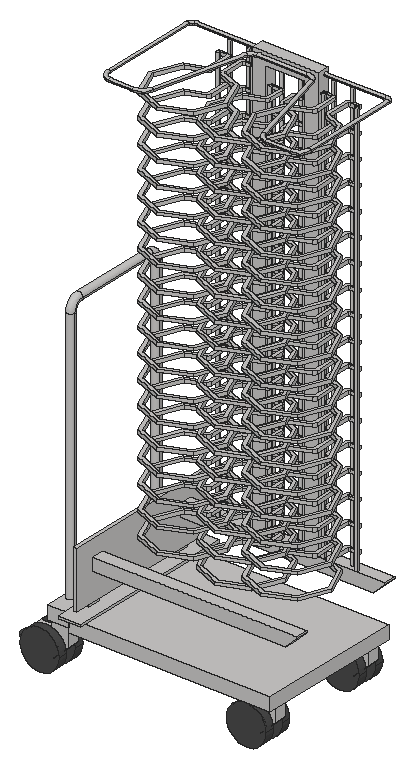
Revit family "QF_ELECTROLUXPROFESSIONAL_922756_TRBA54PL2011C", category Attrezzature speciali, Revit 2020 (continued)
Automatic sketch dimensions
  Extrusion 40 sketch curve to Extrusion 40 sketch curve = 22.703 mm
  Extrusion 40 sketch curve to Extrusion 40 sketch curve = 6.983 mm
  Extrusion 40 sketch curve to Extrusion 40 sketch curve = 1.263 mm
  Extrusion 40 sketch curve to Extrusion 40 sketch curve = 1.293 mm
  Extrusion 40 sketch curve to Extrusion 40 sketch curve = 67.75 mm
  Extrusion 41 sketch curve to Extrusion 41 sketch curve = 7.72 mm  (x4)
  Extrusion 41 sketch curve to Extrusion 41 sketch curve = 7.587 mm  (x4)
  Extrusion 41 sketch curve to Extrusion 41 sketch curve = 27.788 mm  (x2)
  Extrusion 41 sketch curve to Extrusion 41 sketch curve = 0 mm  (x3)
  Extrusion 41 sketch curve to Extrusion 41 sketch curve = 1.873 mm
  Extrusion 41 sketch curve to Extrusion 41 sketch curve = 5 mm  (x3)
  Extrusion 41 sketch curve to Extrusion 41 sketch curve = 3.127 mm
  Extrusion 41 sketch curve to Extrusion 41 sketch curve = 3.746 mm
  Extrusion 41 sketch curve to Extrusion 41 sketch curve = 10 mm  (x3)
  Extrusion 41 sketch curve to Extrusion 41 sketch curve = 79.976 mm  (x2)
  Extrusion 41 sketch curve to Extrusion 41 sketch curve = 0.094 mm  (x3)
  Extrusion 41 sketch curve to Extrusion 41 sketch curve = 30 mm
  Extrusion 41 sketch curve to Extrusion 41 sketch curve = 6.093 mm
  Extrusion 41 sketch curve to Extrusion 41 sketch curve = 3.046 mm
  Extrusion 41 sketch curve to Extrusion 41 sketch curve = 80.651 mm  (x3)
  Extrusion 41 sketch curve to Extrusion 41 sketch curve = 55.228 mm
  Extrusion 41 sketch curve to Extrusion 41 sketch curve = 32.585 mm
  Extrusion 41 sketch curve to Extrusion 41 sketch curve = 10.824 mm  (x3)
  Extrusion 41 sketch curve to Extrusion 41 sketch curve = 11.494 mm
  Extrusion 41 sketch curve to Extrusion 41 sketch curve = 1.263 mm
  Extrusion 41 sketch curve to Extrusion 41 sketch curve = 2 mm  (x2)
  Extrusion 42 sketch curve to Extrusion 42 sketch curve = 10.824 mm  (x3)
  Extrusion 42 sketch curve to Extrusion 42 sketch curve = 24.865 mm  (x2)
  Extrusion 42 sketch curve to Extrusion 42 sketch curve = 26.401 mm  (x2)
  Extrusion 42 sketch curve to Extrusion 42 sketch curve = 7.72 mm  (x4)
  Extrusion 42 sketch curve to Extrusion 42 sketch curve = 7.587 mm  (x4)
  Extrusion 42 sketch curve to Extrusion 42 sketch curve = 27.246 mm
  Extrusion 42 sketch curve to Extrusion 42 sketch curve = 27.788 mm  (x2)
  Extrusion 42 sketch curve to Extrusion 42 sketch curve = 47.447 mm
  Extrusion 42 sketch curve to Extrusion 42 sketch curve = 1.873 mm
  Extrusion 42 sketch curve to Extrusion 42 sketch curve = 5 mm  (x3)
  Extrusion 42 sketch curve to Extrusion 42 sketch curve = 3.127 mm
  Extrusion 42 sketch curve to Extrusion 42 sketch curve = 0 mm  (x2)
  Extrusion 42 sketch curve to Extrusion 42 sketch curve = 3.746 mm
  Extrusion 42 sketch curve to Extrusion 42 sketch curve = 10 mm  (x3)
  Extrusion 42 sketch curve to Extrusion 42 sketch curve = 0.094 mm  (x3)
  Extrusion 42 sketch curve to Extrusion 42 sketch curve = 30 mm
  Extrusion 42 sketch curve to Extrusion 42 sketch curve = 6.093 mm
  Extrusion 42 sketch curve to Extrusion 42 sketch curve = 3.046 mm
  Extrusion 42 sketch curve to Extrusion 42 sketch curve = 22.703 mm
  Extrusion 42 sketch curve to Extrusion 42 sketch curve = 6.983 mm
  Extrusion 42 sketch curve to Extrusion 42 sketch curve = 1.263 mm
  Extrusion 42 sketch curve to Extrusion 42 sketch curve = 1.293 mm
  Extrusion 42 sketch curve to Extrusion 42 sketch curve = 2 mm  (x3)
  Extrusion 43 sketch curve to Extrusion 43 sketch curve = 10.824 mm  (x3)
  Extrusion 43 sketch curve to Extrusion 43 sketch curve = 7.72 mm  (x4)
  Extrusion 43 sketch curve to Extrusion 43 sketch curve = 7.587 mm  (x4)
  Extrusion 43 sketch curve to Extrusion 43 sketch curve = 27.246 mm
  Extrusion 43 sketch curve to Extrusion 43 sketch curve = 27.788 mm  (x2)
  Extrusion 43 sketch curve to Extrusion 43 sketch curve = 47.447 mm
  Extrusion 43 sketch curve to Extrusion 43 sketch curve = 1.873 mm
  Extrusion 43 sketch curve to Extrusion 43 sketch curve = 5 mm  (x2)
  Extrusion 43 sketch curve to Extrusion 43 sketch curve = 3.127 mm
  Extrusion 43 sketch curve to Extrusion 43 sketch curve = 0 mm  (x2)
  Extrusion 43 sketch curve to Extrusion 43 sketch curve = 3.746 mm
  Extrusion 43 sketch curve to Extrusion 43 sketch curve = 10 mm  (x2)
  Extrusion 43 sketch curve to Extrusion 43 sketch curve = 79.976 mm  (x2)
  Extrusion 43 sketch curve to Extrusion 43 sketch curve = 0.094 mm  (x3)
  Extrusion 43 sketch curve to Extrusion 43 sketch curve = 30 mm
  Extrusion 43 sketch curve to Extrusion 43 sketch curve = 6.093 mm
  Extrusion 43 sketch curve to Extrusion 43 sketch curve = 3.907 mm
  Extrusion 43 sketch curve to Extrusion 43 sketch curve = 3.046 mm
  Extrusion 43 sketch curve to Extrusion 43 sketch curve = 1.954 mm
  Extrusion 43 sketch curve to Extrusion 43 sketch curve = 80.651 mm  (x3)
  Extrusion 43 sketch curve to Extrusion 43 sketch curve = 55.228 mm
  Extrusion 43 sketch curve to Extrusion 43 sketch curve = 32.585 mm
  Extrusion 43 sketch curve to Extrusion 43 sketch curve = 2 mm  (x3)
  Extrusion 41 sketch curve to Extrusion 41 sketch curve = 24.865 mm  (x2)
  Extrusion 41 sketch curve to Extrusion 41 sketch curve = 26.401 mm  (x2)
  Extrusion 41 sketch curve to Extrusion 41 sketch curve = 27.246 mm
  Extrusion 41 sketch curve to Extrusion 41 sketch curve = 80.07 mm
  Extrusion 41 sketch curve to Extrusion 41 sketch curve = 22.703 mm
  Extrusion 41 sketch curve to Extrusion 41 sketch curve = 1.293 mm
  Extrusion 41 sketch curve to Extrusion 41 sketch curve = 44.091 mm
  Extrusion 41 sketch curve to Extrusion 41 sketch curve = 41.932 mm
  Extrusion 42 sketch curve to Extrusion 42 sketch curve = 79.976 mm  (x2)
  Extrusion 42 sketch curve to Extrusion 42 sketch curve = 80.651 mm  (x3)
  Extrusion 42 sketch curve to Extrusion 42 sketch curve = 55.228 mm
  Extrusion 42 sketch curve to Extrusion 42 sketch curve = 32.585 mm
  Extrusion 42 sketch curve to Extrusion 42 sketch curve = 80.07 mm
  Extrusion 42 sketch curve to Extrusion 42 sketch curve = 67.75 mm
  Extrusion 43 sketch curve to Extrusion 43 sketch curve = 24.865 mm  (x2)
  Extrusion 43 sketch curve to Extrusion 43 sketch curve = 26.401 mm  (x2)
  Extrusion 43 sketch curve to Extrusion 43 sketch curve = 80.07 mm
  Extrusion 43 sketch curve to Extrusion 43 sketch curve = 22.703 mm
  Extrusion 43 sketch curve to Extrusion 43 sketch curve = 6.983 mm
  Extrusion 43 sketch curve to Extrusion 43 sketch curve = 1.263 mm
  Extrusion 43 sketch curve to Extrusion 43 sketch curve = 1.293 mm
  Extrusion 43 sketch curve to Extrusion 43 sketch curve = 67.75 mm
  Extrusion 44 sketch curve to Extrusion 44 sketch curve = 7.72 mm  (x4)
  Extrusion 44 sketch curve to Extrusion 44 sketch curve = 7.587 mm  (x4)
  Extrusion 44 sketch curve to Extrusion 44 sketch curve = 27.788 mm  (x2)
  Extrusion 44 sketch curve to Extrusion 44 sketch curve = 0 mm  (x3)
  Extrusion 44 sketch curve to Extrusion 44 sketch curve = 1.873 mm
  Extrusion 44 sketch curve to Extrusion 44 sketch curve = 5 mm  (x3)
  Extrusion 44 sketch curve to Extrusion 44 sketch curve = 3.127 mm
  Extrusion 44 sketch curve to Extrusion 44 sketch curve = 3.746 mm
  Extrusion 44 sketch curve to Extrusion 44 sketch curve = 10 mm  (x3)
  Extrusion 44 sketch curve to Extrusion 44 sketch curve = 79.976 mm  (x2)
  Extrusion 44 sketch curve to Extrusion 44 sketch curve = 0.094 mm  (x3)
  Extrusion 44 sketch curve to Extrusion 44 sketch curve = 30 mm
  Extrusion 44 sketch curve to Extrusion 44 sketch curve = 6.093 mm
  Extrusion 44 sketch curve to Extrusion 44 sketch curve = 3.046 mm
  Extrusion 44 sketch curve to Extrusion 44 sketch curve = 80.651 mm  (x3)
  Extrusion 44 sketch curve to Extrusion 44 sketch curve = 55.228 mm
  Extrusion 44 sketch curve to Extrusion 44 sketch curve = 32.585 mm
  Extrusion 44 sketch curve to Extrusion 44 sketch curve = 10.824 mm  (x3)
  Extrusion 44 sketch curve to Extrusion 44 sketch curve = 11.494 mm
  Extrusion 44 sketch curve to Extrusion 44 sketch curve = 1.263 mm
  Extrusion 44 sketch curve to Extrusion 44 sketch curve = 2 mm  (x2)
  Extrusion 45 sketch curve to Extrusion 45 sketch curve = 10.824 mm  (x3)
  Extrusion 45 sketch curve to Extrusion 45 sketch curve = 24.865 mm  (x2)
  Extrusion 45 sketch curve to Extrusion 45 sketch curve = 26.401 mm  (x2)
  Extrusion 45 sketch curve to Extrusion 45 sketch curve = 7.72 mm  (x4)
  Extrusion 45 sketch curve to Extrusion 45 sketch curve = 7.587 mm  (x4)
  Extrusion 45 sketch curve to Extrusion 45 sketch curve = 27.246 mm
  Extrusion 45 sketch curve to Extrusion 45 sketch curve = 27.788 mm  (x2)
  Extrusion 45 sketch curve to Extrusion 45 sketch curve = 47.447 mm
  Extrusion 45 sketch curve to Extrusion 45 sketch curve = 1.873 mm
  Extrusion 45 sketch curve to Extrusion 45 sketch curve = 5 mm  (x3)
  Extrusion 45 sketch curve to Extrusion 45 sketch curve = 3.127 mm
  Extrusion 45 sketch curve to Extrusion 45 sketch curve = 0 mm  (x2)
  Extrusion 45 sketch curve to Extrusion 45 sketch curve = 3.746 mm
  Extrusion 45 sketch curve to Extrusion 45 sketch curve = 10 mm  (x3)
  Extrusion 45 sketch curve to Extrusion 45 sketch curve = 0.094 mm  (x3)
  Extrusion 45 sketch curve to Extrusion 45 sketch curve = 30 mm
  Extrusion 45 sketch curve to Extrusion 45 sketch curve = 6.093 mm
  Extrusion 45 sketch curve to Extrusion 45 sketch curve = 3.046 mm
  Extrusion 45 sketch curve to Extrusion 45 sketch curve = 22.703 mm
  Extrusion 45 sketch curve to Extrusion 45 sketch curve = 6.983 mm
  Extrusion 45 sketch curve to Extrusion 45 sketch curve = 1.263 mm
  Extrusion 45 sketch curve to Extrusion 45 sketch curve = 1.293 mm
  Extrusion 45 sketch curve to Extrusion 45 sketch curve = 2 mm  (x3)
  Extrusion 46 sketch curve to Extrusion 46 sketch curve = 10.824 mm  (x3)
  Extrusion 46 sketch curve to Extrusion 46 sketch curve = 7.72 mm  (x4)
  Extrusion 46 sketch curve to Extrusion 46 sketch curve = 7.587 mm  (x4)
  Extrusion 46 sketch curve to Extrusion 46 sketch curve = 27.246 mm
  Extrusion 46 sketch curve to Extrusion 46 sketch curve = 27.788 mm  (x2)
  Extrusion 46 sketch curve to Extrusion 46 sketch curve = 47.447 mm
  Extrusion 46 sketch curve to Extrusion 46 sketch curve = 1.873 mm
  Extrusion 46 sketch curve to Extrusion 46 sketch curve = 5 mm  (x2)
  Extrusion 46 sketch curve to Extrusion 46 sketch curve = 3.127 mm
  Extrusion 46 sketch curve to Extrusion 46 sketch curve = 0 mm  (x2)
  Extrusion 46 sketch curve to Extrusion 46 sketch curve = 3.746 mm
  Extrusion 46 sketch curve to Extrusion 46 sketch curve = 10 mm  (x2)
  Extrusion 46 sketch curve to Extrusion 46 sketch curve = 79.976 mm  (x2)
  Extrusion 46 sketch curve to Extrusion 46 sketch curve = 0.094 mm  (x3)
  Extrusion 46 sketch curve to Extrusion 46 sketch curve = 30 mm
  Extrusion 46 sketch curve to Extrusion 46 sketch curve = 6.093 mm
  Extrusion 46 sketch curve to Extrusion 46 sketch curve = 3.907 mm
  Extrusion 46 sketch curve to Extrusion 46 sketch curve = 3.046 mm
  Extrusion 46 sketch curve to Extrusion 46 sketch curve = 1.954 mm
  Extrusion 46 sketch curve to Extrusion 46 sketch curve = 80.651 mm  (x3)
  Extrusion 46 sketch curve to Extrusion 46 sketch curve = 55.228 mm
  Extrusion 46 sketch curve to Extrusion 46 sketch curve = 32.585 mm
  Extrusion 46 sketch curve to Extrusion 46 sketch curve = 2 mm  (x3)
  Extrusion 44 sketch curve to Extrusion 44 sketch curve = 24.865 mm  (x2)
  Extrusion 44 sketch curve to Extrusion 44 sketch curve = 26.401 mm  (x2)
  Extrusion 44 sketch curve to Extrusion 44 sketch curve = 27.246 mm
  Extrusion 44 sketch curve to Extrusion 44 sketch curve = 80.07 mm
  Extrusion 44 sketch curve to Extrusion 44 sketch curve = 22.703 mm
  Extrusion 44 sketch curve to Extrusion 44 sketch curve = 1.293 mm
  Extrusion 44 sketch curve to Extrusion 44 sketch curve = 44.091 mm
  Extrusion 44 sketch curve to Extrusion 44 sketch curve = 41.932 mm
  Extrusion 45 sketch curve to Extrusion 45 sketch curve = 79.976 mm  (x2)
  Extrusion 45 sketch curve to Extrusion 45 sketch curve = 80.651 mm  (x3)
  Extrusion 45 sketch curve to Extrusion 45 sketch curve = 55.228 mm
  Extrusion 45 sketch curve to Extrusion 45 sketch curve = 32.585 mm
  Extrusion 45 sketch curve to Extrusion 45 sketch curve = 80.07 mm
  Extrusion 45 sketch curve to Extrusion 45 sketch curve = 67.75 mm
  Extrusion 46 sketch curve to Extrusion 46 sketch curve = 24.865 mm  (x2)
  Extrusion 46 sketch curve to Extrusion 46 sketch curve = 26.401 mm  (x2)
  Extrusion 46 sketch curve to Extrusion 46 sketch curve = 80.07 mm
  Extrusion 46 sketch curve to Extrusion 46 sketch curve = 22.703 mm
  Extrusion 46 sketch curve to Extrusion 46 sketch curve = 6.983 mm
  Extrusion 46 sketch curve to Extrusion 46 sketch curve = 1.263 mm
  Extrusion 46 sketch curve to Extrusion 46 sketch curve = 1.293 mm
  Extrusion 46 sketch curve to Extrusion 46 sketch curve = 67.75 mm
  Extrusion 47 sketch curve to Extrusion 47 sketch curve = 7.72 mm  (x4)
  Extrusion 47 sketch curve to Extrusion 47 sketch curve = 7.587 mm  (x4)
  Extrusion 47 sketch curve to Extrusion 47 sketch curve = 27.788 mm  (x2)
  Extrusion 47 sketch curve to Extrusion 47 sketch curve = 0 mm  (x3)
  Extrusion 47 sketch curve to Extrusion 47 sketch curve = 1.873 mm
  Extrusion 47 sketch curve to Extrusion 47 sketch curve = 5 mm  (x3)
  Extrusion 47 sketch curve to Extrusion 47 sketch curve = 3.127 mm
  Extrusion 47 sketch curve to Extrusion 47 sketch curve = 3.746 mm
  Extrusion 47 sketch curve to Extrusion 47 sketch curve = 10 mm  (x3)
  Extrusion 47 sketch curve to Extrusion 47 sketch curve = 79.976 mm  (x2)
  Extrusion 47 sketch curve to Extrusion 47 sketch curve = 0.094 mm  (x3)
  Extrusion 47 sketch curve to Extrusion 47 sketch curve = 30 mm
  Extrusion 47 sketch curve to Extrusion 47 sketch curve = 6.093 mm
  Extrusion 47 sketch curve to Extrusion 47 sketch curve = 3.046 mm
  Extrusion 47 sketch curve to Extrusion 47 sketch curve = 80.651 mm  (x3)
  Extrusion 47 sketch curve to Extrusion 47 sketch curve = 55.228 mm
  Extrusion 47 sketch curve to Extrusion 47 sketch curve = 32.585 mm
  Extrusion 47 sketch curve to Extrusion 47 sketch curve = 10.824 mm  (x3)
  Extrusion 47 sketch curve to Extrusion 47 sketch curve = 11.494 mm
  Extrusion 47 sketch curve to Extrusion 47 sketch curve = 1.263 mm
  Extrusion 47 sketch curve to Extrusion 47 sketch curve = 2 mm  (x2)
  Extrusion 48 sketch curve to Extrusion 48 sketch curve = 10.824 mm  (x3)
  Extrusion 48 sketch curve to Extrusion 48 sketch curve = 24.865 mm  (x2)
  Extrusion 48 sketch curve to Extrusion 48 sketch curve = 26.401 mm  (x2)
  Extrusion 48 sketch curve to Extrusion 48 sketch curve = 7.72 mm  (x4)
  Extrusion 48 sketch curve to Extrusion 48 sketch curve = 7.587 mm  (x4)
  Extrusion 48 sketch curve to Extrusion 48 sketch curve = 27.246 mm
  Extrusion 48 sketch curve to Extrusion 48 sketch curve = 27.788 mm  (x2)
  Extrusion 48 sketch curve to Extrusion 48 sketch curve = 47.447 mm
  Extrusion 48 sketch curve to Extrusion 48 sketch curve = 1.873 mm
  Extrusion 48 sketch curve to Extrusion 48 sketch curve = 5 mm  (x3)
  Extrusion 48 sketch curve to Extrusion 48 sketch curve = 3.127 mm
  Extrusion 48 sketch curve to Extrusion 48 sketch curve = 0 mm  (x2)
  Extrusion 48 sketch curve to Extrusion 48 sketch curve = 3.746 mm
  Extrusion 48 sketch curve to Extrusion 48 sketch curve = 10 mm  (x3)
  Extrusion 48 sketch curve to Extrusion 48 sketch curve = 0.094 mm  (x3)
  Extrusion 48 sketch curve to Extrusion 48 sketch curve = 30 mm
  Extrusion 48 sketch curve to Extrusion 48 sketch curve = 6.093 mm
  Extrusion 48 sketch curve to Extrusion 48 sketch curve = 3.046 mm
  Extrusion 48 sketch curve to Extrusion 48 sketch curve = 22.703 mm
  Extrusion 48 sketch curve to Extrusion 48 sketch curve = 6.983 mm
  Extrusion 48 sketch curve to Extrusion 48 sketch curve = 1.263 mm
  Extrusion 48 sketch curve to Extrusion 48 sketch curve = 1.293 mm
  Extrusion 48 sketch curve to Extrusion 48 sketch curve = 2 mm  (x3)
  Extrusion 49 sketch curve to Extrusion 49 sketch curve = 10.824 mm  (x3)
  Extrusion 49 sketch curve to Extrusion 49 sketch curve = 7.72 mm  (x4)
  Extrusion 49 sketch curve to Extrusion 49 sketch curve = 7.587 mm  (x4)
  Extrusion 49 sketch curve to Extrusion 49 sketch curve = 27.246 mm
  Extrusion 49 sketch curve to Extrusion 49 sketch curve = 27.788 mm  (x2)
  Extrusion 49 sketch curve to Extrusion 49 sketch curve = 47.447 mm
  Extrusion 49 sketch curve to Extrusion 49 sketch curve = 1.873 mm
  Extrusion 49 sketch curve to Extrusion 49 sketch curve = 5 mm  (x2)
  Extrusion 49 sketch curve to Extrusion 49 sketch curve = 3.127 mm
  Extrusion 49 sketch curve to Extrusion 49 sketch curve = 0 mm  (x2)
  Extrusion 49 sketch curve to Extrusion 49 sketch curve = 3.746 mm
  Extrusion 49 sketch curve to Extrusion 49 sketch curve = 10 mm  (x2)
  Extrusion 49 sketch curve to Extrusion 49 sketch curve = 79.976 mm  (x2)
  Extrusion 49 sketch curve to Extrusion 49 sketch curve = 0.094 mm  (x3)
  Extrusion 49 sketch curve to Extrusion 49 sketch curve = 30 mm
  Extrusion 49 sketch curve to Extrusion 49 sketch curve = 6.093 mm
  Extrusion 49 sketch curve to Extrusion 49 sketch curve = 3.907 mm
  Extrusion 49 sketch curve to Extrusion 49 sketch curve = 3.046 mm
  Extrusion 49 sketch curve to Extrusion 49 sketch curve = 1.954 mm
  Extrusion 49 sketch curve to Extrusion 49 sketch curve = 80.651 mm  (x3)
  Extrusion 49 sketch curve to Extrusion 49 sketch curve = 55.228 mm
  Extrusion 49 sketch curve to Extrusion 49 sketch curve = 32.585 mm
  Extrusion 49 sketch curve to Extrusion 49 sketch curve = 2 mm  (x3)
  Extrusion 47 sketch curve to Extrusion 47 sketch curve = 24.865 mm  (x2)
  Extrusion 47 sketch curve to Extrusion 47 sketch curve = 26.401 mm  (x2)
  Extrusion 47 sketch curve to Extrusion 47 sketch curve = 27.246 mm
  Extrusion 47 sketch curve to Extrusion 47 sketch curve = 80.07 mm
  Extrusion 47 sketch curve to Extrusion 47 sketch curve = 22.703 mm
  Extrusion 47 sketch curve to Extrusion 47 sketch curve = 1.293 mm
  Extrusion 47 sketch curve to Extrusion 47 sketch curve = 44.091 mm
  Extrusion 47 sketch curve to Extrusion 47 sketch curve = 41.932 mm
  Extrusion 48 sketch curve to Extrusion 48 sketch curve = 79.976 mm  (x2)
  Extrusion 48 sketch curve to Extrusion 48 sketch curve = 80.651 mm  (x3)
  Extrusion 48 sketch curve to Extrusion 48 sketch curve = 55.228 mm
  Extrusion 48 sketch curve to Extrusion 48 sketch curve = 32.585 mm
  Extrusion 48 sketch curve to Extrusion 48 sketch curve = 80.07 mm
  Extrusion 48 sketch curve to Extrusion 48 sketch curve = 67.75 mm
  Extrusion 49 sketch curve to Extrusion 49 sketch curve = 24.865 mm  (x2)
  Extrusion 49 sketch curve to Extrusion 49 sketch curve = 26.401 mm  (x2)
  Extrusion 49 sketch curve to Extrusion 49 sketch curve = 80.07 mm
  Extrusion 49 sketch curve to Extrusion 49 sketch curve = 22.703 mm
  Extrusion 49 sketch curve to Extrusion 49 sketch curve = 6.983 mm
  Extrusion 49 sketch curve to Extrusion 49 sketch curve = 1.263 mm
  Extrusion 49 sketch curve to Extrusion 49 sketch curve = 1.293 mm
  Extrusion 49 sketch curve to Extrusion 49 sketch curve = 67.75 mm
  Extrusion 50 sketch curve to Extrusion 50 sketch curve = 7.72 mm  (x4)
  Extrusion 50 sketch curve to Extrusion 50 sketch curve = 7.587 mm  (x4)
  Extrusion 50 sketch curve to Extrusion 50 sketch curve = 27.788 mm  (x2)
  Extrusion 50 sketch curve to Extrusion 50 sketch curve = 0 mm  (x3)
  Extrusion 50 sketch curve to Extrusion 50 sketch curve = 1.873 mm
  Extrusion 50 sketch curve to Extrusion 50 sketch curve = 5 mm  (x3)
  Extrusion 50 sketch curve to Extrusion 50 sketch curve = 3.127 mm
  Extrusion 50 sketch curve to Extrusion 50 sketch curve = 3.746 mm
  Extrusion 50 sketch curve to Extrusion 50 sketch curve = 10 mm  (x3)
  Extrusion 50 sketch curve to Extrusion 50 sketch curve = 79.976 mm  (x2)
  Extrusion 50 sketch curve to Extrusion 50 sketch curve = 0.094 mm  (x3)
  Extrusion 50 sketch curve to Extrusion 50 sketch curve = 30 mm
  Extrusion 50 sketch curve to Extrusion 50 sketch curve = 6.093 mm
  Extrusion 50 sketch curve to Extrusion 50 sketch curve = 3.046 mm
  Extrusion 50 sketch curve to Extrusion 50 sketch curve = 80.651 mm  (x3)
  Extrusion 50 sketch curve to Extrusion 50 sketch curve = 55.228 mm
  Extrusion 50 sketch curve to Extrusion 50 sketch curve = 32.585 mm
  Extrusion 50 sketch curve to Extrusion 50 sketch curve = 10.824 mm  (x3)
  Extrusion 50 sketch curve to Extrusion 50 sketch curve = 11.494 mm
  Extrusion 50 sketch curve to Extrusion 50 sketch curve = 1.263 mm
  Extrusion 50 sketch curve to Extrusion 50 sketch curve = 2 mm  (x2)
  Extrusion 51 sketch curve to Extrusion 51 sketch curve = 10.824 mm  (x3)
  Extrusion 51 sketch curve to Extrusion 51 sketch curve = 24.865 mm  (x2)
  Extrusion 51 sketch curve to Extrusion 51 sketch curve = 26.401 mm  (x2)
  Extrusion 51 sketch curve to Extrusion 51 sketch curve = 7.72 mm  (x4)
  Extrusion 51 sketch curve to Extrusion 51 sketch curve = 7.587 mm  (x4)
  Extrusion 51 sketch curve to Extrusion 51 sketch curve = 27.246 mm
  Extrusion 51 sketch curve to Extrusion 51 sketch curve = 27.788 mm  (x2)
  Extrusion 51 sketch curve to Extrusion 51 sketch curve = 47.447 mm
  Extrusion 51 sketch curve to Extrusion 51 sketch curve = 1.873 mm
  Extrusion 51 sketch curve to Extrusion 51 sketch curve = 5 mm  (x3)
  Extrusion 51 sketch curve to Extrusion 51 sketch curve = 3.127 mm
  Extrusion 51 sketch curve to Extrusion 51 sketch curve = 0 mm  (x2)
  Extrusion 51 sketch curve to Extrusion 51 sketch curve = 3.746 mm
  Extrusion 51 sketch curve to Extrusion 51 sketch curve = 10 mm  (x3)
  Extrusion 51 sketch curve to Extrusion 51 sketch curve = 0.094 mm  (x3)
  Extrusion 51 sketch curve to Extrusion 51 sketch curve = 30 mm
  Extrusion 51 sketch curve to Extrusion 51 sketch curve = 6.093 mm
  Extrusion 51 sketch curve to Extrusion 51 sketch curve = 3.046 mm
  Extrusion 51 sketch curve to Extrusion 51 sketch curve = 22.703 mm
  Extrusion 51 sketch curve to Extrusion 51 sketch curve = 6.983 mm
  Extrusion 51 sketch curve to Extrusion 51 sketch curve = 1.263 mm
  Extrusion 51 sketch curve to Extrusion 51 sketch curve = 1.293 mm
  Extrusion 51 sketch curve to Extrusion 51 sketch curve = 2 mm  (x3)
  Extrusion 52 sketch curve to Extrusion 52 sketch curve = 10.824 mm  (x3)
  Extrusion 52 sketch curve to Extrusion 52 sketch curve = 7.72 mm  (x4)
  Extrusion 52 sketch curve to Extrusion 52 sketch curve = 7.587 mm  (x4)
  Extrusion 52 sketch curve to Extrusion 52 sketch curve = 27.246 mm
  Extrusion 52 sketch curve to Extrusion 52 sketch curve = 27.788 mm  (x2)
  Extrusion 52 sketch curve to Extrusion 52 sketch curve = 47.447 mm
  Extrusion 52 sketch curve to Extrusion 52 sketch curve = 1.873 mm
  Extrusion 52 sketch curve to Extrusion 52 sketch curve = 5 mm  (x2)
  Extrusion 52 sketch curve to Extrusion 52 sketch curve = 3.127 mm
  Extrusion 52 sketch curve to Extrusion 52 sketch curve = 0 mm  (x2)
  Extrusion 52 sketch curve to Extrusion 52 sketch curve = 3.746 mm
  Extrusion 52 sketch curve to Extrusion 52 sketch curve = 10 mm  (x2)
  Extrusion 52 sketch curve to Extrusion 52 sketch curve = 79.976 mm  (x2)
  Extrusion 52 sketch curve to Extrusion 52 sketch curve = 0.094 mm  (x3)
  Extrusion 52 sketch curve to Extrusion 52 sketch curve = 30 mm
  Extrusion 52 sketch curve to Extrusion 52 sketch curve = 6.093 mm
  Extrusion 52 sketch curve to Extrusion 52 sketch curve = 3.907 mm
  Extrusion 52 sketch curve to Extrusion 52 sketch curve = 3.046 mm
  Extrusion 52 sketch curve to Extrusion 52 sketch curve = 1.954 mm
  Extrusion 52 sketch curve to Extrusion 52 sketch curve = 80.651 mm  (x3)
  Extrusion 52 sketch curve to Extrusion 52 sketch curve = 55.228 mm
  Extrusion 52 sketch curve to Extrusion 52 sketch curve = 32.585 mm
  Extrusion 52 sketch curve to Extrusion 52 sketch curve = 2 mm  (x3)
  Extrusion 50 sketch curve to Extrusion 50 sketch curve = 24.865 mm  (x2)
  Extrusion 50 sketch curve to Extrusion 50 sketch curve = 26.401 mm  (x2)
  Extrusion 50 sketch curve to Extrusion 50 sketch curve = 27.246 mm
  Extrusion 50 sketch curve to Extrusion 50 sketch curve = 80.07 mm
  Extrusion 50 sketch curve to Extrusion 50 sketch curve = 22.703 mm
  Extrusion 50 sketch curve to Extrusion 50 sketch curve = 1.293 mm
  Extrusion 50 sketch curve to Extrusion 50 sketch curve = 44.091 mm
  Extrusion 50 sketch curve to Extrusion 50 sketch curve = 41.932 mm
  Extrusion 51 sketch curve to Extrusion 51 sketch curve = 79.976 mm  (x2)
  Extrusion 51 sketch curve to Extrusion 51 sketch curve = 80.651 mm  (x3)
  Extrusion 51 sketch curve to Extrusion 51 sketch curve = 55.228 mm
  Extrusion 51 sketch curve to Extrusion 51 sketch curve = 32.585 mm
  Extrusion 51 sketch curve to Extrusion 51 sketch curve = 80.07 mm
  Extrusion 51 sketch curve to Extrusion 51 sketch curve = 67.75 mm
  Extrusion 52 sketch curve to Extrusion 52 sketch curve = 24.865 mm  (x2)
  Extrusion 52 sketch curve to Extrusion 52 sketch curve = 26.401 mm  (x2)
  Extrusion 52 sketch curve to Extrusion 52 sketch curve = 80.07 mm
  Extrusion 52 sketch curve to Extrusion 52 sketch curve = 22.703 mm
  Extrusion 52 sketch curve to Extrusion 52 sketch curve = 6.983 mm
  Extrusion 52 sketch curve to Extrusion 52 sketch curve = 1.263 mm
  Extrusion 52 sketch curve to Extrusion 52 sketch curve = 1.293 mm
  Extrusion 52 sketch curve to Extrusion 52 sketch curve = 67.75 mm
  Extrusion 53 sketch curve to Extrusion 53 sketch curve = 7.72 mm  (x4)
  Extrusion 53 sketch curve to Extrusion 53 sketch curve = 7.587 mm  (x4)
  Extrusion 53 sketch curve to Extrusion 53 sketch curve = 27.788 mm  (x2)
  Extrusion 53 sketch curve to Extrusion 53 sketch curve = 0 mm  (x3)
  Extrusion 53 sketch curve to Extrusion 53 sketch curve = 1.873 mm
  Extrusion 53 sketch curve to Extrusion 53 sketch curve = 5 mm  (x3)
  Extrusion 53 sketch curve to Extrusion 53 sketch curve = 3.127 mm
  Extrusion 53 sketch curve to Extrusion 53 sketch curve = 3.746 mm
  Extrusion 53 sketch curve to Extrusion 53 sketch curve = 10 mm  (x3)
  Extrusion 53 sketch curve to Extrusion 53 sketch curve = 79.976 mm  (x2)
  Extrusion 53 sketch curve to Extrusion 53 sketch curve = 0.094 mm  (x3)
  Extrusion 53 sketch curve to Extrusion 53 sketch curve = 30 mm
  Extrusion 53 sketch curve to Extrusion 53 sketch curve = 6.093 mm
  Extrusion 53 sketch curve to Extrusion 53 sketch curve = 3.046 mm
  Extrusion 53 sketch curve to Extrusion 53 sketch curve = 80.651 mm  (x3)
  Extrusion 53 sketch curve to Extrusion 53 sketch curve = 55.228 mm
  Extrusion 53 sketch curve to Extrusion 53 sketch curve = 32.585 mm
  Extrusion 53 sketch curve to Extrusion 53 sketch curve = 10.824 mm  (x3)
  Extrusion 53 sketch curve to Extrusion 53 sketch curve = 11.494 mm
  Extrusion 53 sketch curve to Extrusion 53 sketch curve = 1.263 mm
  Extrusion 53 sketch curve to Extrusion 53 sketch curve = 2 mm  (x2)
  Extrusion 54 sketch curve to Extrusion 54 sketch curve = 10.824 mm  (x3)
  Extrusion 54 sketch curve to Extrusion 54 sketch curve = 24.865 mm  (x2)
  Extrusion 54 sketch curve to Extrusion 54 sketch curve = 26.401 mm  (x2)
  Extrusion 54 sketch curve to Extrusion 54 sketch curve = 7.72 mm  (x4)
  Extrusion 54 sketch curve to Extrusion 54 sketch curve = 7.587 mm  (x4)
  Extrusion 54 sketch curve to Extrusion 54 sketch curve = 27.246 mm
  Extrusion 54 sketch curve to Extrusion 54 sketch curve = 27.788 mm  (x2)
  Extrusion 54 sketch curve to Extrusion 54 sketch curve = 47.447 mm
  Extrusion 54 sketch curve to Extrusion 54 sketch curve = 1.873 mm
  Extrusion 54 sketch curve to Extrusion 54 sketch curve = 5 mm  (x3)
  Extrusion 54 sketch curve to Extrusion 54 sketch curve = 3.127 mm
  Extrusion 54 sketch curve to Extrusion 54 sketch curve = 0 mm  (x2)
  Extrusion 54 sketch curve to Extrusion 54 sketch curve = 3.746 mm
  Extrusion 54 sketch curve to Extrusion 54 sketch curve = 10 mm  (x3)
  Extrusion 54 sketch curve to Extrusion 54 sketch curve = 0.094 mm  (x3)
  Extrusion 54 sketch curve to Extrusion 54 sketch curve = 30 mm
  Extrusion 54 sketch curve to Extrusion 54 sketch curve = 6.093 mm
  Extrusion 54 sketch curve to Extrusion 54 sketch curve = 3.046 mm
  Extrusion 54 sketch curve to Extrusion 54 sketch curve = 22.703 mm
  Extrusion 54 sketch curve to Extrusion 54 sketch curve = 6.983 mm
  Extrusion 54 sketch curve to Extrusion 54 sketch curve = 1.263 mm
  Extrusion 54 sketch curve to Extrusion 54 sketch curve = 1.293 mm
  Extrusion 54 sketch curve to Extrusion 54 sketch curve = 2 mm  (x3)
  Extrusion 55 sketch curve to Extrusion 55 sketch curve = 10.824 mm  (x3)
  Extrusion 55 sketch curve to Extrusion 55 sketch curve = 7.72 mm  (x4)
  Extrusion 55 sketch curve to Extrusion 55 sketch curve = 7.587 mm  (x4)
  Extrusion 55 sketch curve to Extrusion 55 sketch curve = 27.246 mm
  Extrusion 55 sketch curve to Extrusion 55 sketch curve = 27.788 mm  (x2)
  Extrusion 55 sketch curve to Extrusion 55 sketch curve = 47.447 mm
  Extrusion 55 sketch curve to Extrusion 55 sketch curve = 1.873 mm
  Extrusion 55 sketch curve to Extrusion 55 sketch curve = 5 mm  (x2)
  Extrusion 55 sketch curve to Extrusion 55 sketch curve = 3.127 mm
  Extrusion 55 sketch curve to Extrusion 55 sketch curve = 0 mm  (x2)
  Extrusion 55 sketch curve to Extrusion 55 sketch curve = 3.746 mm
  Extrusion 55 sketch curve to Extrusion 55 sketch curve = 10 mm  (x2)
  Extrusion 55 sketch curve to Extrusion 55 sketch curve = 79.976 mm  (x2)
  Extrusion 55 sketch curve to Extrusion 55 sketch curve = 0.094 mm  (x3)
  Extrusion 55 sketch curve to Extrusion 55 sketch curve = 30 mm
  Extrusion 55 sketch curve to Extrusion 55 sketch curve = 6.093 mm
  Extrusion 55 sketch curve to Extrusion 55 sketch curve = 3.907 mm
  Extrusion 55 sketch curve to Extrusion 55 sketch curve = 3.046 mm
  Extrusion 55 sketch curve to Extrusion 55 sketch curve = 1.954 mm
  Extrusion 55 sketch curve to Extrusion 55 sketch curve = 80.651 mm  (x3)
  Extrusion 55 sketch curve to Extrusion 55 sketch curve = 55.228 mm
  Extrusion 55 sketch curve to Extrusion 55 sketch curve = 32.585 mm
  Extrusion 55 sketch curve to Extrusion 55 sketch curve = 2 mm  (x3)
  Extrusion 53 sketch curve to Extrusion 53 sketch curve = 24.865 mm  (x2)
  Extrusion 53 sketch curve to Extrusion 53 sketch curve = 26.401 mm  (x2)
  Extrusion 53 sketch curve to Extrusion 53 sketch curve = 27.246 mm
  Extrusion 53 sketch curve to Extrusion 53 sketch curve = 80.07 mm
  Extrusion 53 sketch curve to Extrusion 53 sketch curve = 22.703 mm
  Extrusion 53 sketch curve to Extrusion 53 sketch curve = 1.293 mm
  Extrusion 53 sketch curve to Extrusion 53 sketch curve = 44.091 mm
  Extrusion 53 sketch curve to Extrusion 53 sketch curve = 41.932 mm
  Extrusion 54 sketch curve to Extrusion 54 sketch curve = 79.976 mm  (x2)
  Extrusion 54 sketch curve to Extrusion 54 sketch curve = 80.651 mm  (x3)
  Extrusion 54 sketch curve to Extrusion 54 sketch curve = 55.228 mm
  Extrusion 54 sketch curve to Extrusion 54 sketch curve = 32.585 mm
  Extrusion 54 sketch curve to Extrusion 54 sketch curve = 80.07 mm
  Extrusion 54 sketch curve to Extrusion 54 sketch curve = 67.75 mm
  Extrusion 55 sketch curve to Extrusion 55 sketch curve = 24.865 mm  (x2)
  Extrusion 55 sketch curve to Extrusion 55 sketch curve = 26.401 mm  (x2)
  Extrusion 55 sketch curve to Extrusion 55 sketch curve = 80.07 mm
  Extrusion 55 sketch curve to Extrusion 55 sketch curve = 22.703 mm
  Extrusion 55 sketch curve to Extrusion 55 sketch curve = 6.983 mm
  Extrusion 55 sketch curve to Extrusion 55 sketch curve = 1.263 mm
  Extrusion 55 sketch curve to Extrusion 55 sketch curve = 1.293 mm
  Extrusion 55 sketch curve to Extrusion 55 sketch curve = 67.75 mm
  Extrusion 56 sketch curve to Extrusion 56 sketch curve = 7.72 mm  (x4)
  Extrusion 56 sketch curve to Extrusion 56 sketch curve = 7.587 mm  (x4)
  Extrusion 56 sketch curve to Extrusion 56 sketch curve = 27.788 mm  (x2)
  Extrusion 56 sketch curve to Extrusion 56 sketch curve = 0 mm  (x3)
  Extrusion 56 sketch curve to Extrusion 56 sketch curve = 1.873 mm
  Extrusion 56 sketch curve to Extrusion 56 sketch curve = 5 mm  (x3)
  Extrusion 56 sketch curve to Extrusion 56 sketch curve = 3.127 mm
  Extrusion 56 sketch curve to Extrusion 56 sketch curve = 3.746 mm
  Extrusion 56 sketch curve to Extrusion 56 sketch curve = 10 mm  (x3)
  Extrusion 56 sketch curve to Extrusion 56 sketch curve = 79.976 mm  (x2)
  Extrusion 56 sketch curve to Extrusion 56 sketch curve = 0.094 mm  (x3)
  Extrusion 56 sketch curve to Extrusion 56 sketch curve = 30 mm
  Extrusion 56 sketch curve to Extrusion 56 sketch curve = 6.093 mm
  Extrusion 56 sketch curve to Extrusion 56 sketch curve = 3.046 mm
  Extrusion 56 sketch curve to Extrusion 56 sketch curve = 80.651 mm  (x3)
  Extrusion 56 sketch curve to Extrusion 56 sketch curve = 55.228 mm
  Extrusion 56 sketch curve to Extrusion 56 sketch curve = 32.585 mm
  Extrusion 56 sketch curve to Extrusion 56 sketch curve = 10.824 mm  (x3)
  Extrusion 56 sketch curve to Extrusion 56 sketch curve = 11.494 mm
  Extrusion 56 sketch curve to Extrusion 56 sketch curve = 1.263 mm
  Extrusion 56 sketch curve to Extrusion 56 sketch curve = 2 mm  (x2)
  Extrusion 57 sketch curve to Extrusion 57 sketch curve = 10.824 mm  (x3)
  Extrusion 57 sketch curve to Extrusion 57 sketch curve = 24.865 mm  (x2)
  Extrusion 57 sketch curve to Extrusion 57 sketch curve = 26.401 mm  (x2)
  Extrusion 57 sketch curve to Extrusion 57 sketch curve = 7.72 mm  (x4)
  Extrusion 57 sketch curve to Extrusion 57 sketch curve = 7.587 mm  (x4)
  Extrusion 57 sketch curve to Extrusion 57 sketch curve = 27.246 mm
  Extrusion 57 sketch curve to Extrusion 57 sketch curve = 27.788 mm  (x2)
  Extrusion 57 sketch curve to Extrusion 57 sketch curve = 47.447 mm
  Extrusion 57 sketch curve to Extrusion 57 sketch curve = 1.873 mm
  Extrusion 57 sketch curve to Extrusion 57 sketch curve = 5 mm  (x3)
  Extrusion 57 sketch curve to Extrusion 57 sketch curve = 3.127 mm
  Extrusion 57 sketch curve to Extrusion 57 sketch curve = 0 mm  (x2)
  Extrusion 57 sketch curve to Extrusion 57 sketch curve = 3.746 mm
  Extrusion 57 sketch curve to Extrusion 57 sketch curve = 10 mm  (x3)
  Extrusion 57 sketch curve to Extrusion 57 sketch curve = 0.094 mm  (x3)
  Extrusion 57 sketch curve to Extrusion 57 sketch curve = 30 mm
  Extrusion 57 sketch curve to Extrusion 57 sketch curve = 6.093 mm
  Extrusion 57 sketch curve to Extrusion 57 sketch curve = 3.046 mm
  Extrusion 57 sketch curve to Extrusion 57 sketch curve = 22.703 mm
  Extrusion 57 sketch curve to Extrusion 57 sketch curve = 6.983 mm
  Extrusion 57 sketch curve to Extrusion 57 sketch curve = 1.263 mm
  Extrusion 57 sketch curve to Extrusion 57 sketch curve = 1.293 mm
  Extrusion 57 sketch curve to Extrusion 57 sketch curve = 2 mm  (x3)
  Extrusion 58 sketch curve to Extrusion 58 sketch curve = 10.824 mm  (x3)
  Extrusion 58 sketch curve to Extrusion 58 sketch curve = 7.72 mm  (x4)
  Extrusion 58 sketch curve to Extrusion 58 sketch curve = 7.587 mm  (x4)
  Extrusion 58 sketch curve to Extrusion 58 sketch curve = 27.246 mm
  Extrusion 58 sketch curve to Extrusion 58 sketch curve = 27.788 mm  (x2)
  Extrusion 58 sketch curve to Extrusion 58 sketch curve = 47.447 mm
  Extrusion 58 sketch curve to Extrusion 58 sketch curve = 1.873 mm
  Extrusion 58 sketch curve to Extrusion 58 sketch curve = 5 mm  (x2)
  Extrusion 58 sketch curve to Extrusion 58 sketch curve = 3.127 mm
  Extrusion 58 sketch curve to Extrusion 58 sketch curve = 0 mm  (x2)
  Extrusion 58 sketch curve to Extrusion 58 sketch curve = 3.746 mm
  Extrusion 58 sketch curve to Extrusion 58 sketch curve = 10 mm  (x2)
  Extrusion 58 sketch curve to Extrusion 58 sketch curve = 79.976 mm  (x2)
  Extrusion 58 sketch curve to Extrusion 58 sketch curve = 0.094 mm  (x3)
  Extrusion 58 sketch curve to Extrusion 58 sketch curve = 30 mm
  Extrusion 58 sketch curve to Extrusion 58 sketch curve = 6.093 mm
  Extrusion 58 sketch curve to Extrusion 58 sketch curve = 3.907 mm
  Extrusion 58 sketch curve to Extrusion 58 sketch curve = 3.046 mm
  Extrusion 58 sketch curve to Extrusion 58 sketch curve = 1.954 mm
  Extrusion 58 sketch curve to Extrusion 58 sketch curve = 80.651 mm  (x3)
  Extrusion 58 sketch curve to Extrusion 58 sketch curve = 55.228 mm
  Extrusion 58 sketch curve to Extrusion 58 sketch curve = 32.585 mm
  Extrusion 58 sketch curve to Extrusion 58 sketch curve = 2 mm  (x3)
  Extrusion 56 sketch curve to Extrusion 56 sketch curve = 24.865 mm  (x2)
  Extrusion 56 sketch curve to Extrusion 56 sketch curve = 26.401 mm  (x2)
  Extrusion 56 sketch curve to Extrusion 56 sketch curve = 27.246 mm
  Extrusion 56 sketch curve to Extrusion 56 sketch curve = 80.07 mm
  Extrusion 56 sketch curve to Extrusion 56 sketch curve = 22.703 mm
  Extrusion 56 sketch curve to Extrusion 56 sketch curve = 1.293 mm
  Extrusion 56 sketch curve to Extrusion 56 sketch curve = 44.091 mm
  Extrusion 56 sketch curve to Extrusion 56 sketch curve = 41.932 mm
  Extrusion 57 sketch curve to Extrusion 57 sketch curve = 79.976 mm  (x2)
  Extrusion 57 sketch curve to Extrusion 57 sketch curve = 80.651 mm  (x3)
  Extrusion 57 sketch curve to Extrusion 57 sketch curve = 55.228 mm
  Extrusion 57 sketch curve to Extrusion 57 sketch curve = 32.585 mm
  Extrusion 57 sketch curve to Extrusion 57 sketch curve = 80.07 mm
  Extrusion 57 sketch curve to Extrusion 57 sketch curve = 67.75 mm
  Extrusion 58 sketch curve to Extrusion 58 sketch curve = 24.865 mm  (x2)
  Extrusion 58 sketch curve to Extrusion 58 sketch curve = 26.401 mm  (x2)
  Extrusion 58 sketch curve to Extrusion 58 sketch curve = 80.07 mm
  Extrusion 58 sketch curve to Extrusion 58 sketch curve = 22.703 mm
  Extrusion 58 sketch curve to Extrusion 58 sketch curve = 6.983 mm
  Extrusion 58 sketch curve to Extrusion 58 sketch curve = 1.263 mm
  Extrusion 58 sketch curve to Extrusion 58 sketch curve = 1.293 mm
  Extrusion 58 sketch curve to Extrusion 58 sketch curve = 67.75 mm
  Extrusion 59 sketch curve to Extrusion 59 sketch curve = 7.72 mm  (x4)
  Extrusion 59 sketch curve to Extrusion 59 sketch curve = 7.587 mm  (x4)
  Extrusion 59 sketch curve to Extrusion 59 sketch curve = 27.788 mm  (x2)
  Extrusion 59 sketch curve to Extrusion 59 sketch curve = 0 mm  (x3)
  Extrusion 59 sketch curve to Extrusion 59 sketch curve = 1.873 mm
  Extrusion 59 sketch curve to Extrusion 59 sketch curve = 5 mm  (x3)
  Extrusion 59 sketch curve to Extrusion 59 sketch curve = 3.127 mm
  Extrusion 59 sketch curve to Extrusion 59 sketch curve = 3.746 mm
  Extrusion 59 sketch curve to Extrusion 59 sketch curve = 10 mm  (x3)
  Extrusion 59 sketch curve to Extrusion 59 sketch curve = 79.976 mm  (x2)
  Extrusion 59 sketch curve to Extrusion 59 sketch curve = 0.094 mm  (x3)
  Extrusion 59 sketch curve to Extrusion 59 sketch curve = 30 mm
  Extrusion 59 sketch curve to Extrusion 59 sketch curve = 6.093 mm
  Extrusion 59 sketch curve to Extrusion 59 sketch curve = 3.046 mm
  Extrusion 59 sketch curve to Extrusion 59 sketch curve = 80.651 mm  (x3)
  Extrusion 59 sketch curve to Extrusion 59 sketch curve = 55.228 mm
  Extrusion 59 sketch curve to Extrusion 59 sketch curve = 32.585 mm
  Extrusion 59 sketch curve to Extrusion 59 sketch curve = 10.824 mm  (x3)
  Extrusion 59 sketch curve to Extrusion 59 sketch curve = 11.494 mm
  Extrusion 59 sketch curve to Extrusion 59 sketch curve = 1.263 mm
  Extrusion 59 sketch curve to Extrusion 59 sketch curve = 2 mm  (x2)
  Extrusion 60 sketch curve to Extrusion 60 sketch curve = 10.824 mm  (x3)
  Extrusion 60 sketch curve to Extrusion 60 sketch curve = 24.865 mm  (x2)
  Extrusion 60 sketch curve to Extrusion 60 sketch curve = 26.401 mm  (x2)
  Extrusion 60 sketch curve to Extrusion 60 sketch curve = 7.72 mm  (x4)
  Extrusion 60 sketch curve to Extrusion 60 sketch curve = 7.587 mm  (x4)
  Extrusion 60 sketch curve to Extrusion 60 sketch curve = 27.246 mm
  Extrusion 60 sketch curve to Extrusion 60 sketch curve = 27.788 mm  (x2)
  Extrusion 60 sketch curve to Extrusion 60 sketch curve = 47.447 mm
  Extrusion 60 sketch curve to Extrusion 60 sketch curve = 1.873 mm
  Extrusion 60 sketch curve to Extrusion 60 sketch curve = 5 mm  (x3)
  Extrusion 60 sketch curve to Extrusion 60 sketch curve = 3.127 mm
  Extrusion 60 sketch curve to Extrusion 60 sketch curve = 0 mm  (x2)
  Extrusion 60 sketch curve to Extrusion 60 sketch curve = 3.746 mm
  Extrusion 60 sketch curve to Extrusion 60 sketch curve = 10 mm  (x3)
  Extrusion 60 sketch curve to Extrusion 60 sketch curve = 0.094 mm  (x3)
  Extrusion 60 sketch curve to Extrusion 60 sketch curve = 30 mm
  Extrusion 60 sketch curve to Extrusion 60 sketch curve = 6.093 mm
  Extrusion 60 sketch curve to Extrusion 60 sketch curve = 3.046 mm
  Extrusion 60 sketch curve to Extrusion 60 sketch curve = 22.703 mm
  Extrusion 60 sketch curve to Extrusion 60 sketch curve = 6.983 mm
  Extrusion 60 sketch curve to Extrusion 60 sketch curve = 1.263 mm
  Extrusion 60 sketch curve to Extrusion 60 sketch curve = 1.293 mm
  Extrusion 60 sketch curve to Extrusion 60 sketch curve = 2 mm  (x3)
  Extrusion 61 sketch curve to Extrusion 61 sketch curve = 10.824 mm  (x3)
  Extrusion 61 sketch curve to Extrusion 61 sketch curve = 7.72 mm  (x4)
  Extrusion 61 sketch curve to Extrusion 61 sketch curve = 7.587 mm  (x4)
  Extrusion 61 sketch curve to Extrusion 61 sketch curve = 27.246 mm
  Extrusion 61 sketch curve to Extrusion 61 sketch curve = 27.788 mm  (x2)
  Extrusion 61 sketch curve to Extrusion 61 sketch curve = 47.447 mm
  Extrusion 61 sketch curve to Extrusion 61 sketch curve = 1.873 mm
  Extrusion 61 sketch curve to Extrusion 61 sketch curve = 5 mm  (x2)
  Extrusion 61 sketch curve to Extrusion 61 sketch curve = 3.127 mm
  Extrusion 61 sketch curve to Extrusion 61 sketch curve = 0 mm  (x2)
  Extrusion 61 sketch curve to Extrusion 61 sketch curve = 3.746 mm
  Extrusion 61 sketch curve to Extrusion 61 sketch curve = 10 mm  (x2)
  Extrusion 61 sketch curve to Extrusion 61 sketch curve = 79.976 mm  (x2)
  Extrusion 61 sketch curve to Extrusion 61 sketch curve = 0.094 mm  (x3)
  Extrusion 61 sketch curve to Extrusion 61 sketch curve = 30 mm
  Extrusion 61 sketch curve to Extrusion 61 sketch curve = 6.093 mm
  Extrusion 61 sketch curve to Extrusion 61 sketch curve = 3.907 mm
  Extrusion 61 sketch curve to Extrusion 61 sketch curve = 3.046 mm
  Extrusion 61 sketch curve to Extrusion 61 sketch curve = 1.954 mm
  Extrusion 61 sketch curve to Extrusion 61 sketch curve = 80.651 mm  (x3)
  Extrusion 61 sketch curve to Extrusion 61 sketch curve = 55.228 mm
  Extrusion 61 sketch curve to Extrusion 61 sketch curve = 32.585 mm
  Extrusion 61 sketch curve to Extrusion 61 sketch curve = 2 mm  (x3)
  Extrusion 59 sketch curve to Extrusion 59 sketch curve = 24.865 mm  (x2)
  Extrusion 59 sketch curve to Extrusion 59 sketch curve = 26.401 mm  (x2)
  Extrusion 59 sketch curve to Extrusion 59 sketch curve = 27.246 mm
  Extrusion 59 sketch curve to Extrusion 59 sketch curve = 80.07 mm
  Extrusion 59 sketch curve to Extrusion 59 sketch curve = 22.703 mm
  Extrusion 59 sketch curve to Extrusion 59 sketch curve = 1.293 mm
  Extrusion 59 sketch curve to Extrusion 59 sketch curve = 44.091 mm
  Extrusion 59 sketch curve to Extrusion 59 sketch curve = 41.932 mm
  Extrusion 60 sketch curve to Extrusion 60 sketch curve = 79.976 mm  (x2)
  Extrusion 60 sketch curve to Extrusion 60 sketch curve = 80.651 mm  (x3)
  Extrusion 60 sketch curve to Extrusion 60 sketch curve = 55.228 mm
  Extrusion 60 sketch curve to Extrusion 60 sketch curve = 32.585 mm
  Extrusion 60 sketch curve to Extrusion 60 sketch curve = 80.07 mm
  Extrusion 60 sketch curve to Extrusion 60 sketch curve = 67.75 mm
  Extrusion 61 sketch curve to Extrusion 61 sketch curve = 24.865 mm  (x2)
  Extrusion 61 sketch curve to Extrusion 61 sketch curve = 26.401 mm  (x2)
  Extrusion 61 sketch curve to Extrusion 61 sketch curve = 80.07 mm
  Extrusion 61 sketch curve to Extrusion 61 sketch curve = 22.703 mm
  Extrusion 61 sketch curve to Extrusion 61 sketch curve = 6.983 mm
  Extrusion 61 sketch curve to Extrusion 61 sketch curve = 1.263 mm
  Extrusion 61 sketch curve to Extrusion 61 sketch curve = 1.293 mm
  Extrusion 61 sketch curve to Extrusion 61 sketch curve = 67.75 mm
  Extrusion 62 sketch curve to Extrusion 62 sketch curve = 7.72 mm  (x4)
  Extrusion 62 sketch curve to Extrusion 62 sketch curve = 7.587 mm  (x4)
  Extrusion 62 sketch curve to Extrusion 62 sketch curve = 27.788 mm  (x2)
  Extrusion 62 sketch curve to Extrusion 62 sketch curve = 0 mm  (x3)
  Extrusion 62 sketch curve to Extrusion 62 sketch curve = 1.873 mm
  Extrusion 62 sketch curve to Extrusion 62 sketch curve = 5 mm  (x3)
  Extrusion 62 sketch curve to Extrusion 62 sketch curve = 3.127 mm
  Extrusion 62 sketch curve to Extrusion 62 sketch curve = 3.746 mm
  Extrusion 62 sketch curve to Extrusion 62 sketch curve = 10 mm  (x3)
  Extrusion 62 sketch curve to Extrusion 62 sketch curve = 79.976 mm  (x2)
  Extrusion 62 sketch curve to Extrusion 62 sketch curve = 0.094 mm  (x3)
  Extrusion 62 sketch curve to Extrusion 62 sketch curve = 30 mm
  Extrusion 62 sketch curve to Extrusion 62 sketch curve = 6.093 mm
  Extrusion 62 sketch curve to Extrusion 62 sketch curve = 3.046 mm
  Extrusion 62 sketch curve to Extrusion 62 sketch curve = 80.651 mm  (x3)
  Extrusion 62 sketch curve to Extrusion 62 sketch curve = 55.228 mm
  Extrusion 62 sketch curve to Extrusion 62 sketch curve = 32.585 mm
  Extrusion 62 sketch curve to Extrusion 62 sketch curve = 10.824 mm  (x3)
  Extrusion 62 sketch curve to Extrusion 62 sketch curve = 11.494 mm
  Extrusion 62 sketch curve to Extrusion 62 sketch curve = 1.263 mm
  Extrusion 62 sketch curve to Extrusion 62 sketch curve = 2 mm  (x2)
  Extrusion 63 sketch curve to Extrusion 63 sketch curve = 10.824 mm  (x3)
  Extrusion 63 sketch curve to Extrusion 63 sketch curve = 24.865 mm  (x2)
  Extrusion 63 sketch curve to Extrusion 63 sketch curve = 26.401 mm  (x2)
  Extrusion 63 sketch curve to Extrusion 63 sketch curve = 7.72 mm  (x4)
  Extrusion 63 sketch curve to Extrusion 63 sketch curve = 7.587 mm  (x4)
  Extrusion 63 sketch curve to Extrusion 63 sketch curve = 27.246 mm
  Extrusion 63 sketch curve to Extrusion 63 sketch curve = 27.788 mm  (x2)
  Extrusion 63 sketch curve to Extrusion 63 sketch curve = 47.447 mm
  Extrusion 63 sketch curve to Extrusion 63 sketch curve = 1.873 mm
  Extrusion 63 sketch curve to Extrusion 63 sketch curve = 5 mm  (x3)
  Extrusion 63 sketch curve to Extrusion 63 sketch curve = 3.127 mm
  Extrusion 63 sketch curve to Extrusion 63 sketch curve = 0 mm  (x2)
  Extrusion 63 sketch curve to Extrusion 63 sketch curve = 3.746 mm
  Extrusion 63 sketch curve to Extrusion 63 sketch curve = 10 mm  (x3)
  Extrusion 63 sketch curve to Extrusion 63 sketch curve = 0.094 mm  (x3)
  Extrusion 63 sketch curve to Extrusion 63 sketch curve = 30 mm
  Extrusion 63 sketch curve to Extrusion 63 sketch curve = 6.093 mm
  Extrusion 63 sketch curve to Extrusion 63 sketch curve = 3.046 mm
  Extrusion 63 sketch curve to Extrusion 63 sketch curve = 22.703 mm
  Extrusion 63 sketch curve to Extrusion 63 sketch curve = 6.983 mm
  Extrusion 63 sketch curve to Extrusion 63 sketch curve = 1.263 mm
  Extrusion 63 sketch curve to Extrusion 63 sketch curve = 1.293 mm
  Extrusion 63 sketch curve to Extrusion 63 sketch curve = 2 mm  (x3)
  Extrusion 64 sketch curve to Extrusion 64 sketch curve = 10.824 mm  (x3)
  Extrusion 64 sketch curve to Extrusion 64 sketch curve = 7.72 mm  (x4)
  Extrusion 64 sketch curve to Extrusion 64 sketch curve = 7.587 mm  (x4)
  Extrusion 64 sketch curve to Extrusion 64 sketch curve = 27.246 mm
  Extrusion 64 sketch curve to Extrusion 64 sketch curve = 27.788 mm  (x2)
  Extrusion 64 sketch curve to Extrusion 64 sketch curve = 47.447 mm
  Extrusion 64 sketch curve to Extrusion 64 sketch curve = 1.873 mm
  Extrusion 64 sketch curve to Extrusion 64 sketch curve = 5 mm  (x2)
  Extrusion 64 sketch curve to Extrusion 64 sketch curve = 3.127 mm
  Extrusion 64 sketch curve to Extrusion 64 sketch curve = 0 mm  (x2)
  Extrusion 64 sketch curve to Extrusion 64 sketch curve = 3.746 mm
  Extrusion 64 sketch curve to Extrusion 64 sketch curve = 10 mm  (x2)
  Extrusion 64 sketch curve to Extrusion 64 sketch curve = 79.976 mm  (x2)
  Extrusion 64 sketch curve to Extrusion 64 sketch curve = 0.094 mm  (x3)
  Extrusion 64 sketch curve to Extrusion 64 sketch curve = 30 mm
  Extrusion 64 sketch curve to Extrusion 64 sketch curve = 6.093 mm
  Extrusion 64 sketch curve to Extrusion 64 sketch curve = 3.907 mm
  Extrusion 64 sketch curve to Extrusion 64 sketch curve = 3.046 mm
  Extrusion 64 sketch curve to Extrusion 64 sketch curve = 1.954 mm
  Extrusion 64 sketch curve to Extrusion 64 sketch curve = 80.651 mm  (x3)
  Extrusion 64 sketch curve to Extrusion 64 sketch curve = 55.228 mm
  Extrusion 64 sketch curve to Extrusion 64 sketch curve = 32.585 mm
  Extrusion 64 sketch curve to Extrusion 64 sketch curve = 2 mm  (x3)
  Extrusion 62 sketch curve to Extrusion 62 sketch curve = 24.865 mm  (x2)
  Extrusion 62 sketch curve to Extrusion 62 sketch curve = 26.401 mm  (x2)
  Extrusion 62 sketch curve to Extrusion 62 sketch curve = 27.246 mm
  Extrusion 62 sketch curve to Extrusion 62 sketch curve = 80.07 mm
  Extrusion 62 sketch curve to Extrusion 62 sketch curve = 22.703 mm
  Extrusion 62 sketch curve to Extrusion 62 sketch curve = 1.293 mm
  Extrusion 62 sketch curve to Extrusion 62 sketch curve = 44.091 mm
  Extrusion 62 sketch curve to Extrusion 62 sketch curve = 41.932 mm
  Extrusion 63 sketch curve to Extrusion 63 sketch curve = 79.976 mm  (x2)
  Extrusion 63 sketch curve to Extrusion 63 sketch curve = 80.651 mm  (x3)
  Extrusion 63 sketch curve to Extrusion 63 sketch curve = 55.228 mm
  Extrusion 63 sketch curve to Extrusion 63 sketch curve = 32.585 mm
  Extrusion 63 sketch curve to Extrusion 63 sketch curve = 80.07 mm
  Extrusion 63 sketch curve to Extrusion 63 sketch curve = 67.75 mm
  Extrusion 64 sketch curve to Extrusion 64 sketch curve = 24.865 mm  (x2)
  Extrusion 64 sketch curve to Extrusion 64 sketch curve = 26.401 mm  (x2)
  Extrusion 64 sketch curve to Extrusion 64 sketch curve = 80.07 mm
  Extrusion 64 sketch curve to Extrusion 64 sketch curve = 22.703 mm
  Extrusion 64 sketch curve to Extrusion 64 sketch curve = 6.983 mm
  Extrusion 64 sketch curve to Extrusion 64 sketch curve = 1.263 mm
  Extrusion 64 sketch curve to Extrusion 64 sketch curve = 1.293 mm
  Extrusion 64 sketch curve to Extrusion 64 sketch curve = 67.75 mm
  Extrusion 65 sketch curve to Extrusion 65 sketch curve = 7.72 mm  (x4)
  Extrusion 65 sketch curve to Extrusion 65 sketch curve = 7.587 mm  (x4)
  Extrusion 65 sketch curve to Extrusion 65 sketch curve = 27.788 mm  (x2)
  Extrusion 65 sketch curve to Extrusion 65 sketch curve = 0 mm  (x3)
  Extrusion 65 sketch curve to Extrusion 65 sketch curve = 1.873 mm
  Extrusion 65 sketch curve to Extrusion 65 sketch curve = 5 mm  (x3)
  Extrusion 65 sketch curve to Extrusion 65 sketch curve = 3.127 mm
  Extrusion 65 sketch curve to Extrusion 65 sketch curve = 3.746 mm
  Extrusion 65 sketch curve to Extrusion 65 sketch curve = 10 mm  (x3)
  Extrusion 65 sketch curve to Extrusion 65 sketch curve = 79.976 mm  (x2)
  Extrusion 65 sketch curve to Extrusion 65 sketch curve = 0.094 mm  (x3)
  Extrusion 65 sketch curve to Extrusion 65 sketch curve = 30 mm
  Extrusion 65 sketch curve to Extrusion 65 sketch curve = 6.093 mm
  Extrusion 65 sketch curve to Extrusion 65 sketch curve = 3.046 mm
  Extrusion 65 sketch curve to Extrusion 65 sketch curve = 80.651 mm  (x3)
  Extrusion 65 sketch curve to Extrusion 65 sketch curve = 55.228 mm
  Extrusion 65 sketch curve to Extrusion 65 sketch curve = 32.585 mm
  Extrusion 65 sketch curve to Extrusion 65 sketch curve = 10.824 mm  (x3)
  Extrusion 65 sketch curve to Extrusion 65 sketch curve = 11.494 mm
  Extrusion 65 sketch curve to Extrusion 65 sketch curve = 1.263 mm
  Extrusion 65 sketch curve to Extrusion 65 sketch curve = 2 mm  (x2)
  Extrusion 66 sketch curve to Extrusion 66 sketch curve = 10.824 mm  (x3)
  Extrusion 66 sketch curve to Extrusion 66 sketch curve = 24.865 mm  (x2)
  Extrusion 66 sketch curve to Extrusion 66 sketch curve = 26.401 mm  (x2)
  Extrusion 66 sketch curve to Extrusion 66 sketch curve = 7.72 mm  (x4)
  Extrusion 66 sketch curve to Extrusion 66 sketch curve = 7.587 mm  (x4)
  Extrusion 66 sketch curve to Extrusion 66 sketch curve = 27.246 mm
  Extrusion 66 sketch curve to Extrusion 66 sketch curve = 27.788 mm  (x2)
  Extrusion 66 sketch curve to Extrusion 66 sketch curve = 47.447 mm
  Extrusion 66 sketch curve to Extrusion 66 sketch curve = 1.873 mm
  Extrusion 66 sketch curve to Extrusion 66 sketch curve = 5 mm  (x3)
  Extrusion 66 sketch curve to Extrusion 66 sketch curve = 3.127 mm
  Extrusion 66 sketch curve to Extrusion 66 sketch curve = 0 mm  (x2)
  Extrusion 66 sketch curve to Extrusion 66 sketch curve = 3.746 mm
  Extrusion 66 sketch curve to Extrusion 66 sketch curve = 10 mm  (x3)
  Extrusion 66 sketch curve to Extrusion 66 sketch curve = 0.094 mm  (x3)
  Extrusion 66 sketch curve to Extrusion 66 sketch curve = 30 mm
  Extrusion 66 sketch curve to Extrusion 66 sketch curve = 6.093 mm
  Extrusion 66 sketch curve to Extrusion 66 sketch curve = 3.046 mm
  Extrusion 66 sketch curve to Extrusion 66 sketch curve = 22.703 mm
  Extrusion 66 sketch curve to Extrusion 66 sketch curve = 6.983 mm
  Extrusion 66 sketch curve to Extrusion 66 sketch curve = 1.263 mm
  Extrusion 66 sketch curve to Extrusion 66 sketch curve = 1.293 mm
  Extrusion 66 sketch curve to Extrusion 66 sketch curve = 2 mm  (x3)
  Extrusion 67 sketch curve to Extrusion 67 sketch curve = 10.824 mm  (x3)
  Extrusion 67 sketch curve to Extrusion 67 sketch curve = 7.72 mm  (x4)
  Extrusion 67 sketch curve to Extrusion 67 sketch curve = 7.587 mm  (x4)
  Extrusion 67 sketch curve to Extrusion 67 sketch curve = 27.246 mm
  Extrusion 67 sketch curve to Extrusion 67 sketch curve = 27.788 mm  (x2)
  Extrusion 67 sketch curve to Extrusion 67 sketch curve = 47.447 mm
  Extrusion 67 sketch curve to Extrusion 67 sketch curve = 1.873 mm
  Extrusion 67 sketch curve to Extrusion 67 sketch curve = 5 mm  (x2)
  Extrusion 67 sketch curve to Extrusion 67 sketch curve = 3.127 mm
  Extrusion 67 sketch curve to Extrusion 67 sketch curve = 0 mm  (x2)
  Extrusion 67 sketch curve to Extrusion 67 sketch curve = 3.746 mm
  Extrusion 67 sketch curve to Extrusion 67 sketch curve = 10 mm  (x2)
  Extrusion 67 sketch curve to Extrusion 67 sketch curve = 79.976 mm  (x2)
  Extrusion 67 sketch curve to Extrusion 67 sketch curve = 0.094 mm  (x3)
  Extrusion 67 sketch curve to Extrusion 67 sketch curve = 30 mm
  Extrusion 67 sketch curve to Extrusion 67 sketch curve = 6.093 mm
  Extrusion 67 sketch curve to Extrusion 67 sketch curve = 3.907 mm
  Extrusion 67 sketch curve to Extrusion 67 sketch curve = 3.046 mm
  Extrusion 67 sketch curve to Extrusion 67 sketch curve = 1.954 mm
  Extrusion 67 sketch curve to Extrusion 67 sketch curve = 80.651 mm  (x3)
  Extrusion 67 sketch curve to Extrusion 67 sketch curve = 55.228 mm
  Extrusion 67 sketch curve to Extrusion 67 sketch curve = 32.585 mm
  Extrusion 67 sketch curve to Extrusion 67 sketch curve = 2 mm  (x3)
  Extrusion 65 sketch curve to Extrusion 65 sketch curve = 24.865 mm  (x2)
  Extrusion 65 sketch curve to Extrusion 65 sketch curve = 26.401 mm  (x2)
  Extrusion 65 sketch curve to Extrusion 65 sketch curve = 27.246 mm
  Extrusion 65 sketch curve to Extrusion 65 sketch curve = 80.07 mm
  Extrusion 65 sketch curve to Extrusion 65 sketch curve = 22.703 mm
